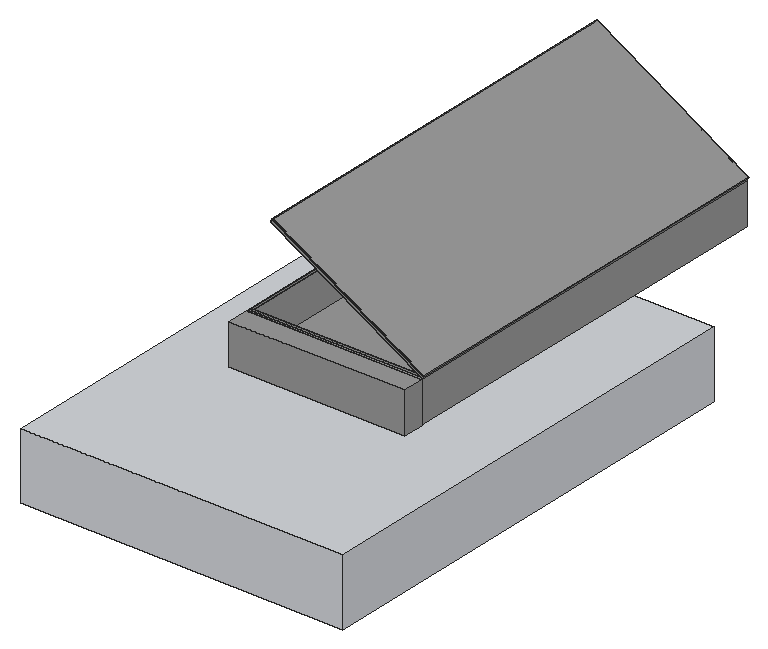
Revit family "Hager-Univers-IP44-D205-H1950-Cl.II-Encl-BE-en", category Equipement électrique, Revit 2020
Family settings
  Hôte = Face
  Configuration du panneau = Deux colonnes, circuits au sein
  Cote de connecteur circulaire = Utiliser le diamètre
  Type d'élément = Tableau de raccordement
  Couper avec des vides une fois chargée = Non
  Partagée = Non
  Point de calcul de pièce = Non
Parameters (values of type "Floor installation IP44 W800 H1950 D205  - FP23SN2")
  Width Control [instance] = if([EF000008 - Width] > Min Width, [EF000008 - Width], Min Width)  # 800 mm
  Commentaires du type = [HG000003 - Range]  # "Univers"
  Thickness Door [instance] = if([EF009171 - Material plate thickness door/cover] > 3 mm, 3 mm, [EF009171 - Material plate thickness door/cover])  # 1 mm
  Seal Frame Offset [instance] = 17 mm  # constant formula
  Plinth Visibility [instance] = [HG000027 - Plinth height] > 0 mm  # yes
  Model = ""
  Min Width [instance] = 100 mm  # constant formula
  Min Height [instance] = 100 mm  # constant formula
  Min Depth [instance] = (2 * [EF009170 - Material plate thickness cabinet]) + 1 mm  # 3 mm
  Internal Frame Depth [instance] = (Door System Depth * 0.5)  # 9 mm
  Height Control [instance] = if([EF000040 - Height] > Min Height, [EF000040 - Height], Min Height)  # 1950 mm
  HG000027 - Plinth height = 100 mm
  HG000026 - Floor standing = yes
  HG000024 - Bottom section height = 800 mm
  HG000023 - Double section enclosure = no
  HG000016 - Door 3d visibility [instance] = yes
  HG000015 - Clearance visibility [instance] = no
  HG000014 - Door on the right [instance] = yes
  HG000013 - Door on the left [instance] = not([HG000014 - Door on the right])  # no
  HG000012 - Door swing angle [instance] = 30.00°
  HG000010 - Asymmetric doors = no
  HG000009 - Double swing door = no
  HG000006 - Flush mounted = no
  HG000004 - Manufacturer reference = "FP23SN2"
  HG000003 - Range = "Univers"
  HG000002 - With door or cover = yes
  Frame Offset Bottom [instance] = 10 mm  # constant formula
  Frame Offset [instance] = 15 mm  # constant formula
  EF015940 - Cover with overpressure release = no
  EF011959 - Degree of protection (NEMA) = ""
  EF009554 - Number of openings for flange plates = 6
  EF009212 - Cover model = "EV000116 - Closed"
  EF009171 - Material plate thickness door/cover = 1 mm
  EF009170 - Material plate thickness cabinet = 1 mm
  Fabricant = "Hager"  # constant formula
  EF008873 - Nominal current (In) = 400 A
  EF007800 - Suitable for lightning protection = no
  EF006306 - With lock = no
  EF006244 - Transparent cover/door = no
  EF005474 - Degree of protection (IP) = "EV006418 - IP44"
  EF004464 - Type of door = "EV002646 - Single"
  EF004427 - Number of modules = 432
  EF004293 - Impact strength = "EV006815 - IK09"
  EF003532 - Suitable for outdoor use = no
  EF002950 - Width in number of modular spacings = 36
  EF001613 - Circuit integrity = "EV000494 - None"
  EF001596 - Material housing = "EV000179 - Steel"
  EF001131 - Internal depth = 143 mm
  EF001088 - Extension possible = yes
  EF000437 - Number of conduit inlets = 6
  EF000339 - Type of cover = "EV001012 - Cover"
  EF000266 - Number of rows = 12
  EF000218 - Built-in depth = 0 mm
  EF000118 - With mounting plate = no
  EF000116 - RAL-number = "9010"
  EF000049 - Depth = 205 mm
  EF000040 - Height = 1950 mm
  EF000008 - Width = 800 mm
  EF000007 - Colour = "EV000202 - White"
  EF000003 - Mounting method = "EV012274 - Floor installation"
  Door System Leaf Tolerance [instance] = 1.5 mm  # constant formula
  Door System Depth [instance] = 18 mm  # constant formula
  Door Height [instance] = Height Control - [HG000027 - Plinth height]  # 1850 mm
  Depth Control [instance] = if([EF000049 - Depth] > Min Depth, [EF000049 - Depth], Min Depth)  # 205 mm
  Default Elevation = 0 mm
  Connector Offset [instance] = Height Control / 2  # 975 mm
  Bottom Top Plate Trim [instance] = 1.5 mm  # constant formula
  Plinth height Ctrl [instance] = if([HG000027 - Plinth height] > 0 mm, [HG000027 - Plinth height], 12 mm)  # 100 mm
Types (5, lengths in mm): name | Width Control | HG000010 - Asymmetric doors | HG000009 - Double swing door | HG000004 - Manufacturer reference | EF009554 - Number of openings for flange plates | EF008873 - Nominal current (In) | EF004464 - Type of door | EF004427 - Number of modules | EF002950 - Width in number of modular spacings | EF000437 - Number of conduit inlets | EF000008 - Width
  Floor installation IP44 W1050 H1950 D205  - FP24SN2 | 1050 | no | yes | "FP24SN2" | 8 | 400 A | "EV003602 - Double" | 576 | 48 | 8 | 1050
  Floor installation IP44 W1300 H1950 D205  - FP25SN2 | 1300 | yes | yes | "FP25SN2" | 10 | 400 A | "EV003602 - Double" | 720 | 60 | 10 | 1300
  Floor installation IP44 W300 H1950 D205  - FP21SN2 | 300 | no | no | "FP21SN2" | 2 | 250 A | "EV002646 - Single" | 144 | 12 | 2 | 300
  Floor installation IP44 W550 H1950 D205  - FP22SN2 | 550 | no | no | "FP22SN2" | 4 | 400 A | "EV002646 - Single" | 288 | 24 | 4 | 550
  Floor installation IP44 W800 H1950 D205  - FP23SN2 | 800 | no | no | "FP23SN2" | 6 | 400 A | "EV002646 - Single" | 432 | 36 | 6 | 800
Reference planes
  plane 1 "Center (Front/Back)": y = 0
  plane 2: z = 0
  plane 3 "Center (Left/Right)": x = 0
  plane 4: z = 205
  plane 5: y = 101
  plane 6: y = 1025
  plane 7: y = 100
  plane 8: y = 1950
  plane 9: z = 0
  plane 10: x = -385
  plane 11: x = 385
  plane 12: x = 384
  plane 13: x = -384
  plane 14: y = 1949
  plane 15: x = -383
  plane 16: x = -400
  plane 17: x = 383
  plane 18: x = 400
  plane 19: x = 399
  plane 20: x = -399
  plane 21: y = 111
  plane 22: y = 1950
  plane 23: y = 1934
  plane 24: z = 187
  plane 25: z = 1
  plane 26: z = 186
  plane 27: z = 204
Forms (mm)
  Extrusion 1, solid
    sketch origin (0, 0, 0) x (1, 0, 0) y (0, 1, 0)
      loop
        line (-702.964, 1305) -> (-702.964, -811.445) -> (766.763, -811.445) -> (766.763, 1305) -> (-702.964, 1305)
    from 0 to -304.8
  Extrusion 2, solid, material "Hager_Steel_RAL7035_Light_Grey", visible <- "Plinth Visibility", detail levels medium+fine
    sketch origin (0, 0, 0) x (1, 0, 0) y (0, 1, 0)
      loop
        line (-400, 0) -> (400, 0) -> (400, 100) -> (-400, 100) -> (-400, 0)
    from 0 to 187
  Extrusion 3, solid, material "Hager_Steel_RAL7035_Light_Grey", detail levels medium+fine
    sketch origin (0, 0, 0) x (1, 0, 0) y (0, 1, 0)
      loop
        line (-400, 100) -> (400, 100) -> (400, 1950) -> (-400, 1950) -> (-400, 100)
    from 0 to 187
  Extrusion 4, void
    sketch origin (0, 0, 0) x (1, 0, 0) y (0, 1, 0)
      loop
        line (-399, 101) -> (399, 101) -> (399, 1949) -> (-399, 1949) -> (-399, 101)
    from 1 to 186
  Extrusion 5, void
    sketch origin (-381.607, -4572, 187) x (0, -1, 0) y (-1, 0, 0)
      loop
        line (-4683, 2.393) -> (-6506, 2.393) -> (-6506, -765.607) -> (-4683, -765.607) -> (-4683, 2.393)
    from 0 to 1 <- "EF009170 - Material plate thickness cabinet"
  Extrusion 6, solid, material "Hager_Steel_RAL7035_Light_Grey", detail levels fine
    sketch origin (0, 0, 187) x (1, 0, 0) y (0, 1, 0)
      loop
        line (-384, 1934) -> (-384, 111) -> (384, 111) -> (384, 1934) -> (-384, 1934)
      loop
        line (-385, 110) -> (385, 110) -> (385, 1935) -> (-385, 1935) -> (-385, 110)
    from 0 to 9 <- "Internal Frame Depth"
  Extrusion 7, solid, material "Hager_Steel_RAL7035_Light_Grey", detail levels coarse
    sketch origin (0, 0, 0) x (1, 0, 0) y (0, 1, 0)
      loop
        line (-400, 0) -> (400, 0) -> (400, 1950) -> (-400, 1950) -> (-400, 0)
    from 0 to 205
  Sweep 8, void
    path in 3D
      loop
        line (-400, 100, 0) -> (400, 100, 0) -> (400, 100, 187) -> (-400, 100, 187) -> (-400, 100, 0)
    profile origin (-400, 100, 93.5) x (-1, 0, 0) y (0, -1, 0)
      loop
        line (0, 0) -> (0, 1.5) -> (-1.5, 1.5)
        arc (-1.5, 1.5) -> (-1.061, 0.439) -> (0, 0) r 1.5
Cuts and joins
  Extrusion 4, Extrusion 5 cuts Extrusion 3
  Sweep 8 cuts Extrusion 2
Lines and regions (mm)
  Masking region 1
    outline origin (0, 0, 0) x (1, 0, 0) y (0, 0, 1)
      loop
        line (-400, 205) -> (-400, 0) -> (400, 0) -> (400, 205) -> (-400, 205)
  Masking region 2, detail levels medium+fine
    outline origin (0, 140, 0) x (0, 1, 0) y (0, 0, 1)
      loop
        line (-40, 0) -> (1810, 0) -> (1810, 187) -> (-40, 187) -> (-40, 0)
  Masking region 3, not visible, detail levels medium+fine
    outline origin (0, 297.922, 0) x (0, 1, 0) y (0, 0, 1)
      loop
        line (738.578, 0) -> (778.578, 0) -> (778.578, 194)
        arc (778.578, 194) -> (775.649, 201.071) -> (768.578, 204) r 10
        line (768.578, 204) -> (738.578, 204) -> (738.578, 0)
  Masking region 4, detail levels coarse
    outline origin (0, 0, 180) x (0, 1, 0) y (0, 0, 1)
      loop
        line (0, -180) -> (1950, -180) -> (1950, 25) -> (0, 25) -> (0, -180)
  Masking region 5, visible <- "Plinth Visibility", detail levels medium+fine
    outline origin (0, 52.24, 12.345) x (0, 0, -1) y (0, 1, 0)
      loop
        line (10.845, 47.76) -> (-173.155, 47.76)
        arc (-173.155, 47.76) -> (-173.594, 46.699) -> (-174.655, 46.26) r 1.5
        line (-174.655, 46.26) -> (-174.655, -52.24) -> (12.345, -52.24) -> (12.345, 46.26)
        arc (12.345, 46.26) -> (11.285, 46.699) -> (10.845, 47.76) r 1.5
  Masking region 6, detail levels medium+fine
    outline origin (-381.607, -4572, 187) x (-1, 0, 0) y (0, -1, 0)
      loop
        line (18.393, -6522) -> (18.393, -4672) -> (-781.607, -4672) -> (-781.607, -6522) -> (18.393, -6522)
  Masking region 7, visible <- "Plinth Visibility", detail levels medium+fine
    outline origin (-381.607, -4727, 187) x (-1, 0, 0) y (0, -1, 0)
      loop
        arc (16.893, -4827) -> (17.332, -4825.939) -> (18.393, -4825.5) r 1.5
        line (18.393, -4825.5) -> (18.393, -4727) -> (-781.607, -4727) -> (-781.607, -4825.5)
        arc (-781.607, -4825.5) -> (-780.546, -4825.939) -> (-780.107, -4827) r 1.5
        line (-780.107, -4827) -> (16.893, -4827)
  Masking region 8, detail levels coarse
    outline origin (-442.548, -4669.526, 187) x (-1, 0, 0) y (0, -1, 0)
      loop
        line (-42.548, -6619.526) -> (-42.548, -4669.526) -> (-842.548, -4669.526) -> (-842.548, -6619.526) -> (-42.548, -6619.526)
  sketch lines
    curve 1: line (-400, 100, 187) -> (-400, 100, 0)
    curve 2: line (400, 100, 187) -> (-400, 100, 187)
    curve 3: line (400, 100, 187) -> (400, 100, 0)
    curve 4: line (-400, 100, 0) -> (400, 100, 0)
Dimensions and locks
  "Depth Control": plane 4 to Extrusion 1
  "HG000027 - Plinth height": plane 1 "Center (Front/Back)" to plane 7
  "EF009170 - Material plate thickness cabinet": plane 5 to plane 7
  locked: connector elem to plane 3 "Center (Left/Right)"
  equal spacing: plane 8, plane 6, plane 7
  locked: connector elem to plane 6
  "EF009170 - Material plate thickness cabinet": plane 8 to plane 14
  "EF009170 - Material plate thickness cabinet": plane 10 to plane 13
  "EF009170 - Material plate thickness cabinet": plane 12 to plane 11
  "Frame Offset": plane 20 to plane 13
  "Frame Offset": plane 12 to plane 19
  "EF009170 - Material plate thickness cabinet": plane 16 to plane 20
  "EF009170 - Material plate thickness cabinet": plane 19 to plane 18
  "Seal Frame Offset": plane 16 to plane 15
  "Seal Frame Offset": plane 17 to plane 18
  "Frame Offset Bottom": plane 21 to plane 5
  "Frame Offset": plane 14 to plane 23
  equal spacing: plane 16, plane 3 "Center (Left/Right)", plane 18
  "Width Control": plane 16 to plane 18
  "EF009170 - Material plate thickness cabinet": plane 4 to plane 27
  "EF009170 - Material plate thickness cabinet": plane 24 to plane 26
  "EF009170 - Material plate thickness cabinet": plane 25 to level
  "Door System Depth": plane 4 to plane 24
  "Height Control": plane 1 "Center (Front/Back)" to Extrusion 7 sketch curve
  "Height Control": Masking region 4 sketch curve to plane 1 "Center (Front/Back)"
  "Height Control": plane 1 "Center (Front/Back)" to plane 22
  "Bottom Top Plate Trim": profile plane to Sweep 8 sketch curve
  "Bottom Top Plate Trim": Sweep 8 sketch curve to profile plane
  "Plinth height Ctrl": plane 1 "Center (Front/Back)" to Extrusion 2 sketch curve
  "Plinth height Ctrl": Masking region 5 sketch curve to plane 1 "Center (Front/Back)"
  "Plinth height Ctrl": plane 1 "Center (Front/Back)" to Masking region 7 sketch curve
  "Thickness Door": Extrusion 6 sketch curve to Extrusion 6 sketch curve  (x3)
  "Thickness Door": cut or joined group of Extrusion 3, Extrusion 4, Extrusion 5 to Extrusion 6 sketch curve
  radius of Masking region 3 sketch curve = 10 mm
  "Bottom Top Plate Trim": radius of Masking region 5 sketch curve  (x2)
  "Bottom Top Plate Trim": radius of Sweep 8 sketch curve
  "Bottom Top Plate Trim": radius of Masking region 7 sketch curve  (x2)
  aligned and locked: plane 2 to Extrusion 1
  aligned and locked: level to Extrusion 1
  aligned and locked: level to Masking region 1 sketch curve
  aligned and locked: Masking region 1 sketch curve to plane 18
  aligned and locked: Masking region 1 sketch curve to plane 16
  aligned and locked: plane 7 to Masking region 2 sketch curve
  aligned and locked: level to Masking region 3 sketch curve
  aligned and locked: Masking region 3 sketch curve to plane 27
  aligned and locked: level to Masking region 2 sketch curve
  aligned and locked: plane 1 "Center (Front/Back)" to Extrusion 2 sketch curve
  aligned and locked: Extrusion 3 sketch curve to plane 7
  aligned and locked: plane 16 to Extrusion 3 sketch curve
  aligned and locked: plane 18 to Extrusion 3 sketch curve
  aligned and locked: plane 20 to Extrusion 4 sketch curve
  aligned and locked: plane 19 to Extrusion 4 sketch curve
  aligned and locked: Extrusion 4 sketch curve to plane 5
  aligned and locked: Extrusion 4 to plane 25
  aligned and locked: plane 26 to Extrusion 4
  aligned and locked: plane 24 to Extrusion 3
  aligned and locked: Extrusion 5 sketch curve to plane 21
  aligned and locked: Extrusion 5 sketch curve to plane 13
  aligned and locked: Extrusion 5 sketch curve to plane 12
  aligned and locked: plane 18 to Extrusion 7 sketch curve
  aligned and locked: plane 1 "Center (Front/Back)" to Extrusion 7 sketch curve
  aligned and locked: plane 16 to Extrusion 7 sketch curve
  aligned and locked: plane 4 to Extrusion 7
  aligned and locked: Extrusion 7 to level
  aligned and locked: level to Masking region 4 sketch curve
  aligned and locked: Masking region 4 sketch curve to plane 1 "Center (Front/Back)"
  aligned and locked: Masking region 4 sketch curve to plane 4
  aligned and locked: nested 1 to level
  aligned and locked: nested 1 to plane 16
  aligned and locked: plane 8 to Extrusion 3 sketch curve
  aligned and locked: plane 23 to Extrusion 5 sketch curve
  aligned and locked: plane 14 to Extrusion 4 sketch curve
  aligned and locked: Masking region 2 sketch curve to plane 8
  aligned and locked: level to Masking region 5 sketch curve
  aligned and locked: plane 16 to Extrusion 2 sketch curve
  aligned and locked: plane 18 to Extrusion 2 sketch curve
  aligned and locked: Masking region 5 sketch curve to plane 24
  aligned and locked: Masking region 2 sketch curve to plane 24
  aligned and locked: plane 24 to Extrusion 2
  aligned and locked: profile plane to Sweep 8 sketch curve  (x2)
  aligned and locked: Masking region 6 sketch curve to plane 18
  aligned and locked: Masking region 6 sketch curve to plane 22
  aligned and locked: Masking region 6 sketch curve to plane 16
  aligned and locked: plane 8 to plane 22
  aligned and locked: Masking region 6 sketch curve to plane 7
  aligned and locked: Masking region 7 sketch curve to plane 16
  aligned and locked: Masking region 7 sketch curve to plane 1 "Center (Front/Back)"
  aligned and locked: Masking region 7 sketch curve to plane 18
  aligned and locked: Masking region 8 sketch curve to plane 1 "Center (Front/Back)"
  aligned and locked: Masking region 8 sketch curve to plane 18
  aligned and locked: Masking region 8 sketch curve to plane 22
  aligned and locked: Masking region 8 sketch curve to plane 16
  aligned and locked: nested 2 to plane 7
  aligned and locked: plane 3 "Center (Left/Right)" to nested 2
  aligned and locked: nested 2 to plane 24
  aligned and locked: Extrusion 6 sketch curve to cut or joined group of Extrusion 3, Extrusion 4, Extrusion 5  (x4)
Automatic sketch dimensions
  Extrusion 1 sketch curve to Extrusion 1 sketch curve = 1469.727 mm
  Extrusion 1 sketch curve to Extrusion 1 sketch curve = 2116.445 mm
  Masking region 1 sketch curve to plane 4 = 0 mm
  plane 6 to Masking region 3 sketch curve = 11.5 mm
  Masking region 3 sketch curve to Masking region 3 sketch curve = 30 mm
  Masking region 5 sketch curve to plane 1 "Center (Front/Back)" = 0 mm
Nested families
  nested 1: "Hager_Enclosure_Symbol" at (-400, 0, 0) x (1, 0, 0) z (0, -1, 0), Height <- "Depth Control", Width <- "Width Control", type "Hager_Enclosure_Symbol"
    with Width_Ctrl 800 mm, Width 800 mm, Height_Ctrl 205 mm, Height 205 mm, A_Width_Int 13.453 mm, A_Width 161.438 mm, A_Height_Ctrl 179.375 mm, A_Height 179.375 mm
  nested 2: "EC000058_Univers_Door" at (0, 100, 187) x (1, 0, 0) z (0, 1, 0), Leaf_Tolerance <- "Door System Leaf Tolerance", Angle <- "HG000012 - Door swing angle", Door_Depth <- "Door System Depth", Door_Left <- "HG000013 - Door on the left", Transparent <- "EF006244 - Transparent cover/door", Assymetrical <- "HG000010 - Asymmetric doors", Width <- "Width Control", Clearance <- "HG000015 - Clearance visibility", Double <- "HG000009 - Double swing door", 3d_Door <- "HG000016 - Door 3d visibility", Lock_Visibility <- "EF006306 - With lock", Width_Ctrl <- "Width Control", Door_Right <- "HG000014 - Door on the right", Door <- "HG000002 - With door or cover", Height <- "Door Height", Thickness <- "Thickness Door", type "EC000058_Univers_Door", detail levels medium+fine
    with min_wh 3 mm, Width_Ctrl 800 mm, Width 800 mm, Transparent no, Thickness 1 mm, Seal_Material Hager_Rubber, Lock_Visibility no, Lock_Material Hager_Plastic_RAL9005_Jet_Black, Leaf_Width 800 mm, Leaf_Tolerance_External_Sides 0 mm, Leaf_Tolerance 1.5 mm, Leaf_Offset 0 mm, Leaf_Height 1847 mm, Leaf_2_Width 800 mm, Leaf_2_Offset 400 mm, Leaf_1_Width 800 mm, Leaf_1_Offset 400 mm, Height_Ctrl 1850 mm, Height 1850 mm, Glass_Material Hager_Glass, Double_Clearance_Ctrl no, Double no, Door_Right_Ctrl yes, Door_Right yes, Door_Material Hager_Steel_RAL7035_Light_Grey, Door_Left_Ctrl no, Door_Left no, Door_Depth 18 mm, Door yes, Clearance_Material Hager_Clearance, Clearance_Depth 800 mm, Clearance_Ctrl no, Clearance no, Assymetrical no, Angle 30.00°, 3d_Door yes
Connectors
  electrical at (0, 1025, 0)
    settings: on plane 9, index 1, voltage 0 V, apparent load 0 VA, apparent load phase1 0 VA, apparent load phase2 0 VA, apparent load phase3 0 VA, power factor 1, load classification "Other", number of poles 1, system type 30, power factor state 1, is connector primary yes, connector utility no, sub classification motor no, connector description ""
Definition of nested family "EC000058_Univers_Door"
  Parameters (values of type "EC000058_Univers_Door")
    min_wh [instance] = (2 * Thickness) + 1 mm  # 11 mm
    Width_Ctrl [instance] = 400 mm
    Width [instance] = 500 mm
    Transparent [instance] = yes
    Thickness [instance] = 5 mm
    Seal_Material [instance] = none
    Lock_Visibility [instance] = yes
    Lock_Material [instance] = none
    Leaf_Width [instance] = if((Width_Ctrl - 2 * Leaf_Tolerance_External_Sides) > 0 mm, (Width_Ctrl - 2 * Leaf_Tolerance_External_Sides), min_wh)  # 400 mm
    Leaf_Tolerance_External_Sides [instance] = 0 mm  # constant formula
    Leaf_Tolerance [instance] = 1.5 mm
    Leaf_Offset [instance] = 0 mm  # constant formula
    Leaf_Height [instance] = if((Height_Ctrl - 2 * Leaf_Tolerance) > 0 mm, (Height_Ctrl - 2 * Leaf_Tolerance), min_wh)  # 497 mm
    Leaf_2_Width [instance] = if(and(and(Double, Assymetrical), Door_Left), (Leaf_Width / 3) - (Leaf_Tolerance / 2), if(and(and(Double, Assymetrical), Door_Right), (Leaf_Width / 3) * 2 - (Leaf_Tolerance / 2), if(and(Double, not(Assymetrical)), (Leaf_Width / 2) - Leaf_Tolerance, Leaf_Width)))  # 400 mm
    Leaf_2_Offset [instance] = if(and(Double, Assymetrical), Leaf_2_Width / 2, if(and(Double, not(Assymetrical)), Leaf_Width / 4, Leaf_Width / 2))  # 200 mm
    Leaf_1_Width [instance] = if(and(and(Double, Assymetrical), Door_Right), (Leaf_Width / 3) - (Leaf_Tolerance / 2), if(and(and(Double, Assymetrical), Door_Left), (Width / 3) * 2 - (Leaf_Tolerance / 2), if(and(Double, not(Assymetrical)), (Leaf_Width / 2) - Leaf_Tolerance, Leaf_Width)))  # 400 mm
    Leaf_1_Offset [instance] = if(and(Double, Assymetrical), Leaf_1_Width / 2, if(and(Double, not(Assymetrical)), Leaf_Width / 4, Leaf_Width / 2))  # 200 mm
    Height_Ctrl [instance] = if(Height > min_wh, Height, min_wh)  # 500 mm
    Height [instance] = 500 mm
    Glass_Material [instance] = none
    Double_Clearance_Ctrl [instance] = and(Double, Clearance)  # no
    Double [instance] = no
    Door_Right_Ctrl [instance] = and(or(Door_Right, Double), Door)  # yes
    Door_Right [instance] = yes
    Door_Material [instance] = none
    Door_Left_Ctrl [instance] = and(or(Door_Left, Double), Door)  # no
    Door_Left [instance] = no
    Door_Depth [instance] = 30 mm
    Door [instance] = yes
    Default Elevation = 1219.2 mm
    Clearance_Material [instance] = none
    Clearance_Depth [instance] = if(Leaf_1_Width > Leaf_2_Width, Leaf_1_Width, Leaf_2_Width)  # 400 mm
    Clearance_Ctrl [instance] = and(not(Double), Clearance)  # yes
    Clearance [instance] = yes
    Assymetrical [instance] = yes
    Angle [instance] = 30.00°
    3d_Door [instance] = yes
  Reference planes
    plane 1 "Center (Front/Back)": y = 0
    plane 2 "Bottom": z = 0
    plane 3 "Center (Left/Right)": x = 0
    plane 4: z = 500
    plane 5: x = -200
    plane 6: x = 200
    plane 7: z = 500
    plane 8: x = -200
    plane 9: z = 0
    plane 10: x = 200
    plane 11: y = 0
    plane 12: z = 1.5
    plane 13: x = -600
    plane 14: y = -400
    plane 15: x = 600
    plane 16: x = 0
    plane 17: x = 0
    plane 18: x = -200
    plane 19: x = 200
    plane 20: z = 498.5
  Forms (mm)
    Extrusion 1, solid, material <- "Clearance_Material", visible <- "Double_Clearance_Ctrl"
      sketch origin (1200, 0, 0) x (1, 0, 0) y (0, 0, -1)
        loop
          line (-1800, -498.5) -> (-600, -498.5) -> (-600, 0) -> (-1800, 0) -> (-1800, -498.5)
      from 0 to -400
  Dimensions and locks
    equal spacing: plane 5, plane 3 "Center (Left/Right)", plane 6
    "Width_Ctrl": plane 5 to plane 6
    "Leaf_Offset": plane 5 to plane 8
    "Leaf_Offset": plane 6 to plane 10
    "Leaf_Offset": plane 9 to level
    "Leaf_Offset": plane 4 to plane 7
    "Height_Ctrl": plane 4 to level
    "Leaf_Tolerance": plane 12 to plane 9
    locked: plane 11 to plane 1 "Center (Front/Back)"
    "Leaf_1_Offset": plane 18 to plane 16
    "Leaf_2_Offset": plane 17 to plane 19
    "Leaf_1_Width": plane 13 to plane 8
    "Leaf_2_Width": plane 10 to plane 15
    "Clearance_Depth": plane 14 to plane 1 "Center (Front/Back)"
    "Leaf_Tolerance_External_Sides": plane 8 to plane 18
    "Leaf_Tolerance_External_Sides": plane 19 to plane 10
    "Leaf_Tolerance": plane 7 to plane 20
    aligned and locked: level to plane 2 "Bottom"
    aligned and locked: nested 1 to plane 16
    aligned and locked: nested 2 to plane 17
    aligned and locked: Extrusion 1 to plane 13
    aligned and locked: plane 15 to Extrusion 1
    aligned and locked: Extrusion 1 to plane 14
    aligned and locked: plane 12 to nested 1
    aligned and locked: nested 2 to plane 12
    aligned and locked: Extrusion 1 to plane 11
    aligned and locked: plane 20 to Extrusion 1
    aligned and locked: nested 2 to plane 11
    aligned and locked: nested 1 to plane 11
  Automatic sketch dimensions
    Extrusion 1 sketch curve to level = 0 mm
    plane 5 to Extrusion 1 sketch curve = 400 mm
    plane 6 to Extrusion 1 sketch curve = 400 mm
    Extrusion 1 sketch curve to plane 4 = 1.5 mm
  Nested families
    nested 1: "EC000058_Univers_Door_Leaf" at (0, 0, 1.5), Width <- "Leaf_1_Width", visible <- "Door_Left_Ctrl", Leaf_Height <- "Leaf_Height", Angle <- "Angle", 3d_Door <- "3d_Door", Transparent <- "Transparent", Clearance Material <- "Clearance_Material", Clearance <- "Clearance_Ctrl", Door_Material <- "Door_Material", Glass_Material <- "Glass_Material", Door_Depth <- "Door_Depth", Lock_Material <- "Lock_Material", Seal_Material <- "Seal_Material", Lock_Visibility <- "Lock_Visibility", Thickness <- "Thickness", type "EC000058_Univers_Door_Leaf"
      with Width 400 mm, Transparent_Glass_Offset 30 mm, Transparent_Ctrl yes, Transparent yes, Thickness 5 mm, Standard no, Seal_Material none, Seal_D2 8 mm, Seal_D1 1 mm, Offset_Internal_Frame 10 mm, Lock_Width 20 mm, Lock_Visibility_3d yes, Lock_Visibility yes, Lock_Thickness_3 3 mm, Lock_Thickness_2 1 mm, Lock_Thickness_1 3 mm, Lock_Radius_Offset_2 16 mm, Lock_Radius_Offset_1 15 mm, Lock_Radius_2 5 mm, Lock_Radius 6 mm, Lock_Offset 5 mm, Lock_Material none, Lock_Height 80 mm, Lock_Cover_Top_Offset_2d 17 mm, Lock_Cover_Height -65 mm, Leaf_Height 497 mm, Internal_Seal_Thickness 8 mm, Internal_Seal_Depth_2 4.5 mm, Internal_Frame_Depth 25 mm, Glass_Thickness -1 mm, Glass_Offset -2 mm, Glass_Material none, Door_Material none, Door_Depth 30 mm, Clearance Material none, Clearance yes, Angle_Ctrl 30.00°, Angle 30.00°, 3d_Door yes
    nested 2: "EC000058_Univers_Door_Leaf" at (0, 0, 1.5) x (-1, 0, 0) z (0, 0, 1), Width <- "Leaf_2_Width", visible <- "Door_Right_Ctrl", Leaf_Height <- "Leaf_Height", Angle <- "Angle", 3d_Door <- "3d_Door", Transparent <- "Transparent", Clearance Material <- "Clearance_Material", Clearance <- "Clearance_Ctrl", Door_Material <- "Door_Material", Glass_Material <- "Glass_Material", Door_Depth <- "Door_Depth", Lock_Material <- "Lock_Material", Seal_Material <- "Seal_Material", Lock_Visibility <- "Lock_Visibility", Thickness <- "Thickness", type "EC000058_Univers_Door_Leaf"
      with Width 400 mm, Transparent_Glass_Offset 30 mm, Transparent_Ctrl yes, Transparent yes, Thickness 5 mm, Standard no, Seal_Material none, Seal_D2 8 mm, Seal_D1 1 mm, Offset_Internal_Frame 10 mm, Lock_Width 20 mm, Lock_Visibility_3d yes, Lock_Visibility yes, Lock_Thickness_3 3 mm, Lock_Thickness_2 1 mm, Lock_Thickness_1 3 mm, Lock_Radius_Offset_2 16 mm, Lock_Radius_Offset_1 15 mm, Lock_Radius_2 5 mm, Lock_Radius 6 mm, Lock_Offset 5 mm, Lock_Material none, Lock_Height 80 mm, Lock_Cover_Top_Offset_2d 17 mm, Lock_Cover_Height -65 mm, Leaf_Height 497 mm, Internal_Seal_Thickness 8 mm, Internal_Seal_Depth_2 4.5 mm, Internal_Frame_Depth 25 mm, Glass_Thickness -1 mm, Glass_Offset -2 mm, Glass_Material none, Door_Material none, Door_Depth 30 mm, Clearance Material none, Clearance yes, Angle_Ctrl 30.00°, Angle 30.00°, 3d_Door yes
  Definition of nested family "EC000058_Univers_Door_Leaf"
    Parameters (values of type "EC000058_Univers_Door_Leaf")
      Width [instance] = 2000 mm
      Transparent_Glass_Offset [instance] = 30 mm
      Transparent_Ctrl [instance] = and(Transparent, [3d_Door])  # yes
      Transparent [instance] = yes
      Thickness [instance] = 5 mm
      Standard [instance] = and(not(Transparent), [3d_Door])  # no
      Seal_Material [instance] = none
      Seal_D2 [instance] = 8 mm  # constant formula
      Seal_D1 [instance] = 1 mm  # constant formula
      Offset_Internal_Frame [instance] = 10 mm  # constant formula
      Lock_Width [instance] = 20 mm  # constant formula
      Lock_Visibility_3d [instance] = and(Lock_Visibility, [3d_Door])  # yes
      Lock_Visibility [instance] = yes
      Lock_Thickness_3 [instance] = 3 mm  # constant formula
      Lock_Thickness_2 [instance] = 1 mm  # constant formula
      Lock_Thickness_1 [instance] = 3 mm  # constant formula
      Lock_Radius_Offset_2 [instance] = Lock_Radius_Offset_1 + 1 mm  # 16 mm
      Lock_Radius_Offset_1 [instance] = 15 mm  # constant formula
      Lock_Radius_2 [instance] = Lock_Radius - 1 mm  # 5 mm
      Lock_Radius [instance] = 6 mm  # constant formula
      Lock_Offset [instance] = 5 mm  # constant formula
      Lock_Material [instance] = none
      Lock_Height [instance] = 80 mm  # constant formula
      Lock_Cover_Top_Offset_2d [instance] = Lock_Radius_Offset_2 + 1 mm  # 17 mm
      Lock_Cover_Height [instance] = -(Lock_Height - Lock_Radius_Offset_1)  # -65 mm
      Leaf_Height [instance] = 2720.336 mm
      Internal_Seal_Thickness [instance] = 8 mm  # constant formula
      Internal_Seal_Depth_2 [instance] = 4.5 mm  # constant formula
      Internal_Frame_Depth [instance] = if(Door_Depth - Thickness > 5 mm, Door_Depth - Thickness, 5 mm)  # 25 mm
      Glass_Thickness [instance] = if(Thickness > 15 mm, Glass_Offset + 10 mm, -1 mm)  # -1 mm
      Glass_Offset [instance] = if(Thickness > 15 mm, -(Thickness + 10 mm) / 2, -2 mm)  # -2 mm
      Glass_Material [instance] = none
      Door_Material [instance] = none
      Door_Depth [instance] = 30 mm
      Default Elevation = 0 mm
      Clearance Material [instance] = none
      Clearance [instance] = yes
      Angle_Ctrl [instance] = if(Angle > 180.00°, 180.00°, Angle)  # 90.00°
      Angle [instance] = 90.00°
      3d_Door [instance] = yes
    Reference planes
      plane 1 "Center (Front/Back)": y = 0
      plane 2: z = 0
      plane 3 "Center (Left/Right)": x = 0
      plane 4: y = 2000
      plane 5: x = -1000
      plane 6: x = 1000
      plane 7: x = -3000
      plane 8: z = 2720.336
      plane 9: z = 30
      plane 10: z = 2690.336
      plane 11: x = 970
      plane 12: x = -970
      plane 13: y = -3
      plane 14: z = 107.833
      plane 15: y = -5
      plane 16: y = -223.314
      plane 17: x = -1000
      plane 18: z = 1360.168
      plane 19: y = 30
    Forms (mm)
      Extrusion 1, solid, material <- "Clearance Material", visible <- "Clearance"
        sketch origin (0, 0, 0) x (1, 0, 0) y (0, 0, 1)
          loop
            line (-3000, 2720.336) -> (-3000, 0) -> (1000, 0) -> (1000, 2720.336) -> (-3000, 2720.336)
        from 0 to -2000
      Extrusion 2, solid, material <- "Door_Material", visible <- "Standard", detail levels medium+fine
        sketch origin (-1000, 0, 0) x (0, 1, 0) y (-1, 0, 0)
          loop
            line (0, 30) -> (0, 25) -> (2000, 25) -> (2000, 30) -> (0, 30)
        from 0 to 2720.336 <- "Leaf_Height"
      Extrusion 3, solid, material <- "Door_Material", visible <- "Transparent_Ctrl", detail levels medium+fine
        sketch origin (-1000, 0, 0) x (0, 1, 0) y (-1, 0, 0)
          loop
            line (0, 25) -> (2000, 25) -> (2000, 30) -> (0, 30) -> (0, 25)
        from 0 to 2720.336 <- "Leaf_Height"
      Extrusion 4, void
        sketch origin (-1025, 2000, 0) x (0, 1, 0) y (0, 0, -1)
          loop
            line (-30, -2690.336) -> (-30, -30) -> (-1970, -30) -> (-1970, -2690.336) -> (-30, -2690.336)
        from 0 to 5 <- "Thickness"
      Sweep 5, solid, material <- "Seal_Material", visible <- "Transparent_Ctrl", detail levels fine
        path in 3D
          loop
            line (-1025, 30, 30) -> (-1025, 30, 2690.336) -> (-1025, 1970, 2690.336) -> (-1025, 1970, 30) -> (-1025, 30, 30)
        profile origin (-1025, 1000, 30) x (1, 0, 0) y (0, 0, 1)
          loop
            line (0, 0) -> (0, -8) -> (1, -8) -> (1, 0) -> (0, 0)
      Extrusion 6, solid, material <- "Glass_Material", visible <- "Transparent_Ctrl", detail levels medium+fine
        sketch origin (-1030, 0, 0) x (0, 1, 0) y (0, 0, -1)
          loop
            line (1970, -2690.336) -> (1970, -30) -> (30, -30) -> (30, -2690.336) -> (1970, -2690.336)
        from -2 <- "Glass_Offset" to -1 <- "Glass_Thickness"
      Extrusion 7, solid, material <- "Door_Material", visible <- "3d_Door", detail levels medium+fine
        sketch origin (-1025, 2000, 0) x (0, -1, 0) y (0, 0, -1)
          loop
            line (0, -2720.336) -> (2000, -2720.336) -> (2000, 0) -> (0, 0) -> (0, -2720.336)
          loop
            line (1995, -5) -> (5, -5) -> (5, -2715.336) -> (1995, -2715.336) -> (1995, -5)
        from 0 to 25 <- "Internal_Frame_Depth"
      Sweep 8, solid, material <- "Seal_Material", visible <- "Transparent_Ctrl", detail levels fine
        path in 3D
          loop
            line (-1025, 0, 0) -> (-1025, 2000, 0) -> (-1025, 2000, 2720.336) -> (-1025, 0, 2720.336) -> (-1025, 0, 0)
        profile origin (-1025, 0, 1360.168) x (1, 0, 0) y (0, 1, 0)
          loop
            line (0, 10) -> (2.975, 10)
            arc (2.975, 10) -> (4.053, 10.447) -> (4.5, 11.525) r 1.525
            line (4.5, 11.525) -> (4.5, 16.527)
            arc (4.5, 16.527) -> (4.069, 17.569) -> (3.027, 18) r 1.473
            line (3.027, 18) -> (0, 18) -> (0, 10)
      Extrusion 9, solid, material <- "Lock_Material", visible <- "Lock_Visibility_3d", detail levels fine
        sketch origin (-1030, 0, 0) x (0, 1, 0) y (0, 0, -1)
          loop
            arc (1993.5, -1400.168) -> (1994.561, -1399.729) -> (1995, -1398.668) r 1.5
            line (1995, -1398.668) -> (1995, -1320.168) -> (1975, -1320.168) -> (1975, -1398.668)
            arc (1975, -1398.668) -> (1975.439, -1399.729) -> (1976.5, -1400.168) r 1.5
            line (1976.5, -1400.168) -> (1993.5, -1400.168)
        from 3 <- "Lock_Thickness_1" to 0
      Blend 10, solid, material <- "Lock_Material", visible <- "Lock_Visibility_3d", detail levels fine
        base sketch origin (-1033, 0, 0) x (0, 1, 0) y (0, 0, -1)
          loop
            line (1975, -1320.168) -> (1975, -1398.668)
            arc (1975, -1398.668) -> (1975.439, -1399.729) -> (1976.5, -1400.168) r 1.5
            line (1976.5, -1400.168) -> (1993.5, -1400.168)
            arc (1993.5, -1400.168) -> (1994.561, -1399.729) -> (1995, -1398.668) r 1.5
            line (1995, -1398.668) -> (1995, -1320.168) -> (1975, -1320.168)
        top sketch origin (-1033, 0, 0) x (0, 1, 0) y (0, 0, -1)
          loop
            line (1976, -1320.168) -> (1976, -1398.668)
            arc (1976, -1398.668) -> (1976.146, -1399.022) -> (1976.5, -1399.168) r 0.5
            line (1976.5, -1399.168) -> (1993.5, -1399.168)
            arc (1993.5, -1399.168) -> (1993.854, -1399.022) -> (1994, -1398.668) r 0.5
            line (1994, -1398.668) -> (1994, -1320.168) -> (1976, -1320.168)
        from 0 to 1 <- "Lock_Thickness_2"
      Blend 11, solid, material <- "Lock_Material", visible <- "Lock_Visibility_3d", detail levels fine
        base sketch origin (-1034, 0, 0) x (0, 1, 0) y (0, 0, -1)
          loop
            line (1978, -1320.168) -> (1978, -1384.168)
            arc (1978, -1384.168) -> (1985, -1391.168) -> (1992, -1384.168) r 7
            line (1992, -1384.168) -> (1992, -1320.168) -> (1978, -1320.168)
        top sketch origin (-1034, 0, 0) x (0, 1, 0) y (0, 0, -1)
          loop
            line (1991, -1320.168) -> (1979, -1320.168) -> (1979, -1383.168)
            arc (1979, -1383.168) -> (1985, -1389.168) -> (1991, -1383.168) r 6
            line (1991, -1383.168) -> (1991, -1320.168)
        from 0 to 3 <- "Lock_Thickness_3"
      Extrusion 12, solid, material <- "Lock_Material", visible <- "Lock_Visibility_3d", detail levels fine
        sketch origin (-1030, 1975, 1320.168) x (1, 0, 0) y (0, -1, 0)
          loop
            line (-7, -19) -> (-7, -1) -> (0, -1) -> (0, 0) -> (-8, 0) -> (-8, -20) -> (0, -20) -> (0, -19) -> (-7, -19)
        from 0 to -65 <- "Lock_Cover_Height"
      Extrusion 13, void
        sketch origin (-1038, 1995, 1320.168) x (-1, 0, 0) y (0, 0, -1)
          loop
            line (-5, -65) -> (0, -65) -> (-5, -60) -> (-5, -65)
        from 0 to 20 <- "Lock_Width"
      Extrusion 14, void
        sketch origin (-1038, 1975, 1320.168) x (0, -1, 0) y (0, 0, -1)
          loop
            circle (-10, -15.995) r 6
          loop
            circle (-10, -15.995) r 5
        from 0 to 2
      Extrusion 15, solid, material <- "Lock_Material", visible <- "Lock_Visibility_3d", detail levels medium
        sketch origin (-1030, 0, 0) x (0, 1, 0) y (0, 0, -1)
          loop
            arc (1993.5, -1400.168) -> (1994.561, -1399.729) -> (1995, -1398.668) r 1.5
            line (1995, -1398.668) -> (1995, -1320.168) -> (1975, -1320.168) -> (1975, -1398.668)
            arc (1975, -1398.668) -> (1975.439, -1399.729) -> (1976.5, -1400.168) r 1.5
            line (1976.5, -1400.168) -> (1993.5, -1400.168)
        from 8 to 0
    Cuts and joins
      Extrusion 4 cuts Extrusion 3
      Extrusion 13, Extrusion 14 cuts Extrusion 9
      Extrusion 14 cuts Blend 11
      Extrusion 13, Extrusion 14 cuts Extrusion 12
      joined: Extrusion 9, Blend 10, Blend 11, Extrusion 12
      Extrusion 14 cuts Extrusion 15
    Lines and regions (mm)
      Masking region 1, visible <- "Lock_Visibility", detail levels fine
        outline origin (0, 0, 0) x (0, 1, 0) y (0, 0, 1)
          loop
            line (30, 1320.168) -> (33, 1320.168) -> (33, 1400.168) -> (30, 1400.168) -> (30, 1320.168)
      Masking region 2, visible <- "Lock_Visibility", detail levels fine
        outline origin (0, 3.143, 0) x (0, 1, 0) y (0, 0, 1)
          loop
            line (29.857, 1354.168) -> (30.857, 1354.168) -> (30.857, 1366.168) -> (29.857, 1366.168) -> (29.857, 1354.168)
      Masking region 3, detail levels medium+fine
        outline origin (0, 0, 0) x (0, 1, 0) y (0, 0, 1)
          loop
            line (0, 0) -> (30, 0) -> (30, 2720.336) -> (0, 2720.336) -> (0, 0)
      Masking region 4, detail levels medium+fine
        outline origin (0, 0, 0) x (1, 0, 0) y (0, 0, 1)
          loop
            line (-1000, 2720.336) -> (-1000, 0) -> (1000, 0) -> (1000, 2720.336) -> (-1000, 2720.336)
      Masking region 5, visible <- "Lock_Visibility", detail levels fine
        outline origin (-47.116, 0, 0) x (1, 0, 0) y (0, 0, 1)
          loop
            arc (1024.616, 1399.168) -> (1023.556, 1398.729) -> (1023.116, 1397.668) r 1.5
            line (1023.116, 1397.668) -> (1023.116, 1320.168) -> (1041.116, 1320.168) -> (1041.116, 1397.668)
            arc (1041.116, 1397.668) -> (1040.677, 1398.729) -> (1039.616, 1399.168) r 1.5
            line (1039.616, 1399.168) -> (1024.616, 1399.168)
      Masking region 6, visible <- "Lock_Visibility", detail levels medium+fine
        outline origin (-25, 0, 0) x (1, 0, 0) y (0, 0, 1)
          loop
            arc (1001.5, 1400.168) -> (1000.439, 1399.729) -> (1000, 1398.668) r 1.5
            line (1000, 1398.668) -> (1000, 1320.168) -> (1020, 1320.168) -> (1020, 1398.668)
            arc (1020, 1398.668) -> (1019.561, 1399.729) -> (1018.5, 1400.168) r 1.5
            line (1018.5, 1400.168) -> (1001.5, 1400.168)
      Masking region 7, visible <- "Lock_Visibility", detail levels fine
        outline origin (-73.735, 0, 0) x (1, 0, 0) y (0, 0, 1)
          loop
            line (1051.735, 1382.168) -> (1065.735, 1382.168) -> (1065.735, 1384.168)
            arc (1065.735, 1384.168) -> (1058.735, 1391.168) -> (1051.735, 1384.168) r 7
            line (1051.735, 1384.168) -> (1051.735, 1382.168)
      Masking region 8, visible <- "Lock_Visibility", detail levels fine
        outline origin (-73.735, 0, 0) x (1, 0, 0) y (0, 0, 1)
          loop
            line (1052.735, 1382.168) -> (1064.735, 1382.168) -> (1064.735, 1383.168)
            arc (1064.735, 1383.168) -> (1058.735, 1389.168) -> (1052.735, 1383.168) r 6
            line (1052.735, 1383.168) -> (1052.735, 1382.168)
      Masking region 9, visible <- "Lock_Visibility", detail levels fine
        outline origin (-25, 0, 0) x (1, 0, 0) y (0, 0, 1)
          loop
            line (1020, 1320.168) -> (1020, 1382.168) -> (1000, 1382.168) -> (1000, 1320.168) -> (1020, 1320.168)
      Masking region 10, detail levels medium+fine
        outline origin (0, 0, 0) x (1, 0, 0) y (0, 0, 1)
          loop
            circle (985, 1335.144) r 6
      Masking region 11, detail levels fine
        outline origin (0, 0, 0) x (1, 0, 0) y (0, 0, 1)
          loop
            circle (985, 1335.144) r 5
      Masking region 12, visible <- "Lock_Visibility", detail levels fine
        outline origin (0, 12.767, 0) x (0, 1, 0) y (0, 0, 1)
          loop
            line (20.233, 1320.168) -> (21.233, 1320.168) -> (21.233, 1399.168) -> (20.233, 1400.168) -> (20.233, 1320.168)
      Masking region 13, visible <- "Lock_Visibility", detail levels fine
        outline origin (0, 13.767, -10) x (0, 1, 0) y (0, 0, 1)
          loop
            line (20.233, 1330.168) -> (23.233, 1330.168) -> (23.233, 1399.168) -> (20.233, 1402.168) -> (20.233, 1330.168)
      Masking region 14, visible <- "Lock_Visibility", detail levels fine
        outline origin (0, 12.767, -10) x (0, 1, 0) y (0, 0, 1)
          loop
            line (20.233, 1330.168) -> (25.233, 1330.168) -> (25.233, 1399.305) -> (20.233, 1394.305) -> (20.233, 1330.168)
      Masking region 15, visible <- "Lock_Visibility", detail levels medium
        outline origin (0, 0, 0) x (0, 1, 0) y (0, 0, 1)
          loop
            line (30, 1320.168) -> (38, 1320.168) -> (38, 1400.168) -> (30, 1400.168) -> (30, 1320.168)
      Masking region 16, visible <- "Lock_Visibility", detail levels fine
        outline origin (-1000, 0, 0) x (0, 1, 0) y (-1, 0, 0)
          loop
            line (1975, 30) -> (1995, 30) -> (1995, 38) -> (1975, 38) -> (1975, 30)
          loop
            line (1979, 37) -> (1976, 37) -> (1976, 34) -> (1978, 34) -> (1979, 37)
          loop
            line (1994, 37) -> (1991, 37) -> (1992, 34) -> (1994, 34) -> (1994, 37)
      Masking region 17, visible <- "Lock_Visibility", detail levels medium
        outline origin (-1000, 0, 0) x (0, 1, 0) y (-1, 0, 0)
          loop
            line (1975, 30) -> (1995, 30) -> (1995, 38) -> (1975, 38) -> (1975, 30)
      symbolic lines
        curve 1: line (1000, 0, 0) -> (-3000, 0, 0)
        curve 2: arc (1000, 0, 0) -> (-1000, 2000, 0) -> (-3000, 0, 0) r 2000
        curve 4: line (-1030, 0, 0) -> (-1030, 2000, 0)
      reference lines
        curve 3: line (-1000, 0, 0) -> (-1000, 2000, 0)
      symbolic lines, detail levels medium+fine
        curve 5: line (-1030, 2000, 0) -> (-1025, 2000, 0)
        curve 7: line (-1025, 0, 0) -> (-1030, 0, 0)
        curve 8: line (-1025, 0, 0) -> (-1000, 0, 0)
        curve 9: line (-1000, 0, 0) -> (-1000, 2000, 0)
        curve 10: line (-1000, 2000, 0) -> (-1025, 2000, 0)
      symbolic lines, detail levels fine
        curve 6: line (-1025, 2000, 0) -> (-1025, 0, 0)
      sketch lines
        curve 11: line (-1025, 0, 2720.336) -> (-1025, 0, 0)
        curve 12: line (-1025, 2000, 0) -> (-1025, 0, 0)
        curve 13: line (-1025, 2000, 2720.336) -> (-1025, 2000, 0)
        curve 14: line (-1025, 0, 2720.336) -> (-1025, 2000, 2720.336)
        curve 15: line (-1025, 1970, 30) -> (-1025, 30, 30)
        curve 16: line (-1025, 30, 30) -> (-1025, 30, 2690.336)
        curve 17: line (-1025, 1970, 2690.336) -> (-1025, 1970, 30)
        curve 18: line (-1025, 30, 2690.336) -> (-1025, 1970, 2690.336)
      symbolic lines, visible <- "Transparent", detail levels medium+fine
        curve 19: line (-970, 0, 2690.336) -> (970, 0, 2690.336)
        curve 20: line (-970, 0, 30) -> (-970, 0, 2690.336)
        curve 21: line (970, 0, 30) -> (-970, 0, 30)
        curve 22: line (970, 0, 2690.336) -> (970, 0, 30)
    Dimensions and locks
      "Width": plane 1 "Center (Front/Back)" to plane 4
      equal spacing: plane 5, plane 3 "Center (Left/Right)", plane 6
      "Width": plane 5 to plane 6
      "Width": plane 7 to plane 5
      "Leaf_Height": plane 8 to level
      "Width": curve 5 to curve 3
      "Width": curve 3 to curve 3
      plane 8 to plane 10 = 30 mm
      plane 9 to level = 30 mm
      plane 12 to plane 5 = 30 mm
      plane 6 to plane 11 = 30 mm
      Extrusion 1 to Extrusion 4 sketch curve = 30 mm
      "Transparent_Glass_Offset": curve 3 to Extrusion 4 sketch curve
      "Transparent_Glass_Offset": Extrusion 4 sketch curve to cut or joined group of Extrusion 3, Extrusion 4  (x2)
      cut or joined group of Extrusion 3, Extrusion 4 to Extrusion 6 sketch curve = 30 mm
      "Transparent_Glass_Offset": cut or joined group of Extrusion 3, Extrusion 4 to Extrusion 4 sketch curve
      "Thickness": curve 6 to curve 4
      "Thickness": Extrusion 7 sketch curve to Extrusion 7 sketch curve  (x4)
      "Door_Depth": curve 4 to curve 3
      "Offset_Internal_Frame": profile plane to Sweep 8 sketch curve
      "Internal_Seal_Thickness": Sweep 8 sketch curve to Sweep 8 sketch curve
      "Internal_Seal_Depth_2": profile plane to Sweep 8 sketch curve
      "Seal_D1": profile plane to Sweep 5 sketch curve
      "Seal_D2": profile plane to Sweep 5 sketch curve
      "Thickness": Extrusion 2 sketch curve to Extrusion 2 sketch curve
      equal spacing: Extrusion 9 sketch curve, plane 18, Extrusion 9 sketch curve  (x2)
      equal spacing: Masking region 1 sketch curve, plane 18, Masking region 1 sketch curve
      "Lock_Height": Masking region 1 sketch curve to Masking region 1 sketch curve
      "Lock_Radius": Masking region 2 sketch curve to plane 18 to Masking region 2 sketch curve
      Masking region 2 sketch curve to Masking region 1 = 1 mm
      "Door_Depth": plane 19 to plane 1 "Center (Front/Back)"
      "Lock_Thickness_1": Masking region 1 sketch curve to plane 19
      "Lock_Width": Extrusion 9 sketch curve to Extrusion 9 sketch curve
      "Lock_Height": Extrusion 9 sketch curve to Extrusion 9 sketch curve
      "Lock_Offset": cut or joined group of Extrusion 3, Extrusion 4 to Extrusion 9 sketch curve
      equal spacing: plane 8, plane 18, level
      "Lock_Radius_Offset_1": Blend 11 sketch curve to Blend 10
      locked: Blend 10 to Blend 11 sketch curve at 2  (x2)
      locked: var sketch to Blend 11 sketch curve at 1  (x2)
      "Lock_Radius_Offset_2": Blend 11 sketch curve to Blend 10
      locked: Extrusion 12 sketch curve to Extrusion 12 sketch curve at 1  (x3)
      Masking region 6 sketch curve to Masking region 6 sketch curve = 80 mm
      "Lock_Height": Masking region 6 sketch curve to Masking region 6 sketch curve
      "Lock_Width": Masking region 6 sketch curve to Masking region 6 sketch curve
      locked: Masking region 6 to Masking region 5 sketch curve at 1  (x3)
      locked: Masking region 5 to Masking region 7 sketch curve at 2  (x2)
      "Lock_Radius_Offset_1": Masking region 5 to Masking region 7 sketch curve
      "Lock_Radius_Offset_2": Masking region 5 to Masking region 8 sketch curve
      locked: Masking region 7 to Masking region 8 sketch curve at 1  (x2)
      "Lock_Cover_Top_Offset_2d": Masking region 5 to Masking region 9 sketch curve
      equal spacing: Masking region 9, Masking region 10 sketch curve, Masking region 9
      equal spacing: Masking region 9, Masking region 11 sketch curve, Masking region 9
      Extrusion 15 sketch curve to Extrusion 15 sketch curve = 80 mm
      "Lock_Width": Extrusion 15 sketch curve to Extrusion 15 sketch curve
      "Lock_Height": Extrusion 15 sketch curve to Extrusion 15 sketch curve
      equal spacing: Extrusion 15 sketch curve, plane 18, Extrusion 15 sketch curve
      "Lock_Thickness_3": Masking region 13 sketch curve to Masking region 13 sketch curve
      "Lock_Height": Masking region 12 sketch curve to Masking region 12 sketch curve
      locked: Masking region 13 sketch curve to Masking region 1 at 8
      locked: Masking region 14 sketch curve to Masking region 13 at 1
      locked: Masking region 14 sketch curve to Masking region 1 at 10.863
      "Lock_Height": Masking region 15 sketch curve to Masking region 15 sketch curve
      "Lock_Offset": Extrusion 15 sketch curve to cut or joined group of Extrusion 3, Extrusion 4
      "Lock_Offset": plane 6 to Masking region 6 sketch curve
      radius of Sweep 8 sketch curve = 1.525 mm
      radius of Sweep 8 sketch curve = 1.473 mm
      radius of Extrusion 9 sketch curve = 1.5 mm  (x2)
      "Lock_Radius": radius of Extrusion 14 sketch curve
      "Lock_Radius_2": radius of Extrusion 14 sketch curve
      "Lock_Radius": radius of Masking region 10 sketch curve
      "Lock_Radius_2": radius of Masking region 11 sketch curve
      radius of Extrusion 15 sketch curve = 1.5 mm  (x2)
      "Angle_Ctrl": angle plane 1 "Center (Front/Back)" to curve 3
      locked: Masking region 12 sketch curve to Masking region 12 sketch curve (angle 45.00°)
      locked: Masking region 13 sketch curve to Masking region 13 sketch curve (angle 45.00°)
      locked: Masking region 14 sketch curve to Masking region 14 sketch curve (angle 45.00°)
      aligned and locked: level to plane 2
      aligned and locked: Extrusion 1 to curve 1
      aligned and locked: plane 6 to Extrusion 1
      aligned and locked: Extrusion 1 to plane 1 "Center (Front/Back)"
      aligned and locked: plane 4 to Extrusion 1
      aligned and locked: plane 8 to Extrusion 1
      aligned and locked: curve 7 to Extrusion 2 sketch curve
      aligned and locked: curve 5 to Extrusion 2 sketch curve
      aligned and locked: curve 7 to Extrusion 3 sketch curve
      aligned and locked: Extrusion 3 sketch curve to curve 4
      aligned and locked: Extrusion 3 sketch curve to curve 6
      aligned and locked: Extrusion 3 sketch curve to curve 5
      aligned and locked: curve 9 to curve 3
      aligned and locked: Extrusion 7 sketch curve to cut or joined group of Extrusion 3, Extrusion 4  (x4)
      aligned and locked: plane 17 to curve 3
      aligned and locked: plane 1 "Center (Front/Back)" to curve 3
      aligned and locked: plane 17 to plane 5
      aligned and locked: Sweep 8 sketch curve to profile plane
      aligned and locked: Sweep 5 sketch curve to profile plane  (x2)
      aligned and locked: Masking region 1 to Masking region 2 sketch curve
      aligned and locked: plane 19 to Masking region 1 sketch curve
      aligned and locked: plane 1 "Center (Front/Back)" to Masking region 3 sketch curve
      aligned and locked: plane 19 to Masking region 3 sketch curve
      aligned and locked: level to Masking region 3 sketch curve
      aligned and locked: Masking region 3 sketch curve to plane 8
      aligned and locked: plane 17 to Masking region 4 sketch curve
      aligned and locked: level to Masking region 4 sketch curve
      aligned and locked: Masking region 4 sketch curve to plane 8
      aligned and locked: plane 12 to curve 20
      aligned and locked: plane 10 to curve 19
      aligned and locked: plane 11 to curve 22
      aligned and locked: curve 21 to plane 9
      aligned and locked: Extrusion 2 sketch curve to cut or joined group of Extrusion 3, Extrusion 4
      aligned and locked: Blend 10 sketch curve to Extrusion 9  (x4)
      aligned and locked: Extrusion 9 to Blend 10 sketch curve
      aligned and locked: Blend 10 to Blend 11 sketch curve
      aligned and locked: Extrusion 12 sketch curve to Blend 11
      aligned and locked: Extrusion 12 sketch curve to Extrusion 9  (x4)
      aligned and locked: Masking region 5 sketch curve to Masking region 6
      aligned and locked: Masking region 9 sketch curve to Masking region 6  (x3)
      aligned and locked: Masking region 12 sketch curve to Masking region 1
      aligned and locked: Masking region 13 sketch curve to Masking region 1
      aligned and locked: Masking region 12 to Masking region 14
      aligned and locked: Masking region 14 sketch curve to Masking region 1
      aligned and locked: Masking region 15 sketch curve to Masking region 14
      aligned and locked: Masking region 13 sketch curve to Masking region 12
      aligned and locked: Masking region 16 sketch curve to cut or joined group of Extrusion 14, Extrusion 15  (x4)
      aligned and locked: Masking region 16 sketch curve to cut or joined group of Extrusion 9, Blend 10, Blend 11, Extrusion 12, Extrusion 13, Extrusion 14  (x6)
      aligned and locked: cut or joined group of Extrusion 9, Blend 10, Blend 11, Extrusion 12, Extrusion 13, Extrusion 14 to Masking region 16 sketch curve
      aligned and locked: Masking region 17 sketch curve to cut or joined group of Extrusion 14, Extrusion 15  (x3)
      aligned and locked: Masking region 17 sketch curve to cut or joined group of Extrusion 9, Blend 10, Blend 11, Extrusion 12, Extrusion 13, Extrusion 14
      aligned and locked: Masking region 9 to Masking region 8 sketch curve
      aligned and locked: Masking region 9 to Masking region 7 sketch curve
    Automatic sketch dimensions
      plane 1 "Center (Front/Back)" to curve 2 = 0 mm
      curve 2 to plane 5 = 0 mm
      Extrusion 1 sketch curve to level = 0 mm
      Extrusion 1 sketch curve to plane 7 = 0 mm
      Extrusion 1 sketch curve to plane 6 = 0 mm
      Extrusion 1 sketch curve to plane 8 = 0 mm
      Extrusion 3 to Extrusion 6 sketch curve = 30 mm  (x4)
      Masking region 4 sketch curve to plane 6 = 0 mm
      Blend 10 sketch curve to Extrusion 9 = 1.5 mm
      Blend 10 sketch curve to Extrusion 9 = 1 mm
      Extrusion 13 sketch curve to Extrusion 12 = 0 mm  (x2)
      Extrusion 12 to Extrusion 13 sketch curve = 3 mm
      Extrusion 13 sketch curve to Extrusion 12 = 5 mm
      Extrusion 14 sketch curve to Extrusion 14 sketch curve = 0 mm  (x2)
      Extrusion 14 sketch curve to Extrusion 12 = 10 mm
      Extrusion 14 sketch curve to Extrusion 12 = 15.995 mm
      Masking region 5 sketch curve to Masking region 5 sketch curve = 1.5 mm  (x2)
      Masking region 10 sketch curve to plane 18 = 25.024 mm
      Masking region 11 sketch curve to plane 18 = 25.024 mm
      plane 19 to Masking region 14 sketch curve = 3 mm
      Masking region 16 sketch curve to Masking region 16 sketch curve = 3 mm
      curve 4 to curve 3 = 0 mm
      Blend 10 to Blend 11 sketch curve = 0 mm
      Masking region 6 sketch curve to Masking region 6 sketch curve = 1.5 mm  (x2)
      Masking region 6 sketch curve to plane 18 = 40 mm
      plane 19 to Masking region 12 sketch curve = 3 mm
      Masking region 12 sketch curve to Masking region 12 sketch curve = 1 mm
      Masking region 15 sketch curve to plane 19 = 0 mm
      Masking region 15 sketch curve to plane 18 = 40 mm
      radius of Blend 10 sketch curve to Extrusion 9 = 1 mm
Definition of nested family "Hager_Enclosure_Symbol"
  Parameters (values of type "Hager_Enclosure_Symbol")
    Width_Ctrl [instance] = if(Width > 1 mm, Width, 1 mm)  # 102.27 mm
    Width [instance] = 102.27 mm
    Height_Ctrl [instance] = if(Height > 1 mm, Height, 1 mm)  # 66.5 mm
    A_Width_Int [instance] = if(A_Width / 12 > 2 mm, A_Width / 12, 2 mm)  # 4.364 mm
    A_Width [instance] = if(A_Height_Ctrl * 0.9 > 2 mm, A_Height_Ctrl * 0.9, 2 mm)  # 52.369 mm
    A_Height_Ctrl [instance] = if(A_Height > 2 mm, A_Height, 2 mm)  # 58.188 mm
    Height [instance] = 66.5 mm
    A_Height [instance] = Height - (Height / 8)  # 58.188 mm
  Reference planes
    plane 1 "Centre (avant/arrière)": y = 0
    plane 2: z = 0
    plane 3 "Centre (gauche/droite)": x = 0
    plane 4: x = 52.369
    plane 5: y = 33.042
    plane 6: y = 41.77
    plane 7: y = 66.5
    plane 8: x = 26.184
    plane 9: y = 37.406
    plane 10: x = 102.27
    plane 11: y = 66.5
    plane 12: y = 8.313
  Lines and regions (mm)
    Filled region 1, type "Solid_Black", in view "Niveau de réf."
      outline origin (0, 0, 0) x (1, 0, 0) y (0, 1, 0)
        loop
          line (52.369, 66.5) -> (33.188, 54.536) -> (45.365, 45.006) -> (52.369, 66.5)
    Filled region 2, type "Solid_Black", in view "Niveau de réf."
      outline origin (0, 0, 0) x (1, 0, 0) y (0, 1, 0)
        loop
          line (0, 0) -> (102.27, 0) -> (102.27, 66.5) -> (0, 0)
    detail lines, in view "Niveau de réf."
      curve 1: line (0, 8.313, 0) -> (26.184, 41.77, 0)
      curve 2: line (26.184, 41.77, 0) -> (26.184, 33.042, 0)
      curve 3: line (26.184, 33.042, 0) -> (52.369, 66.5, 0)
  Dimensions and locks
    "A_Width": plane 3 "Centre (gauche/droite)" to plane 4
    equal spacing: plane 3 "Centre (gauche/droite)", plane 8, plane 4
    equal spacing: plane 6, plane 9, plane 5
    equal spacing: curve 3, Filled region 1 sketch curve, Filled region 1 sketch curve
    "Height_Ctrl": plane 1 "Centre (avant/arrière)" to plane 11
    "A_Height_Ctrl": plane 11 to plane 12
    equal spacing: plane 11, plane 9, plane 12
    "A_Width_Int": plane 6 to plane 9
    "Width_Ctrl": plane 3 "Centre (gauche/droite)" to plane 10
    angle Filled region 1 sketch curve to curve 3 = 20.00°
    angle curve 3 to Filled region 1 sketch curve = 20.00°
    locked: curve 3 to Filled region 1 sketch curve (angle 90.00°)
    aligned and locked: plane 10 to Filled region 2
    aligned and locked: plane 11 to Filled region 2 sketch curve
    aligned and locked: plane 10 to Filled region 2 sketch curve
    aligned and locked: plane 3 "Centre (gauche/droite)" to curve 1
    aligned and locked: plane 12 to curve 1
    aligned and locked: plane 7 to plane 11
  Automatic sketch dimensions
    Filled region 1 sketch curve to plane 4 = 0 mm
    Filled region 1 sketch curve to plane 7 = 0 mm
    plane 1 "Centre (avant/arrière)" to Filled region 2 sketch curve = 0 mm
    Filled region 2 sketch curve to plane 3 "Centre (gauche/droite)" = 0 mm
    curve 2 to plane 6 = 0 mm
    curve 2 to plane 8 = 0 mm
    curve 3 to plane 4 = 0 mm
    curve 2 to plane 5 = 0 mm
    curve 3 to plane 7 = 0 mm
